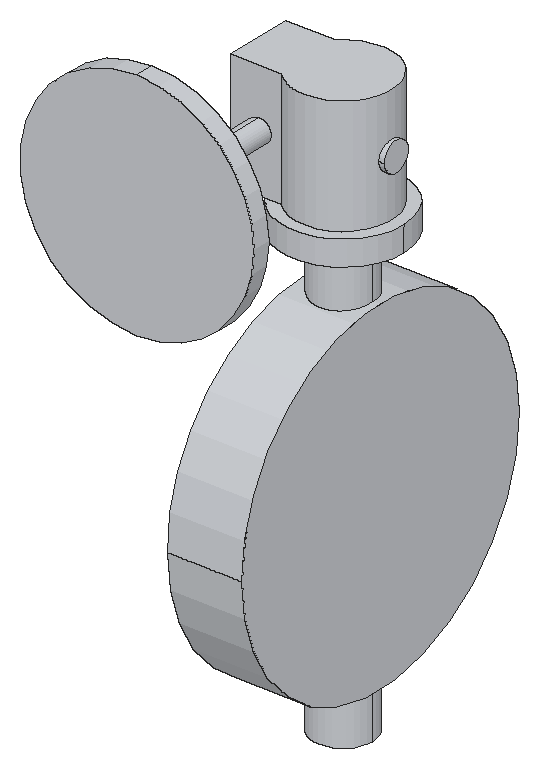
Revit family "HS497-68_disk-nerez_převodové kolo DN500-RFA_2019", category Pipe Accessories, Revit 2019
Family settings
  Round Connector Dimension = Use Diameter
  Part Type = Valve - Breaks Into
  Work Plane-Based = No
  Always vertical = Yes
  Cut with Voids When Loaded = No
  Shared = No
Parameters (values of type "HS 497-68_DN500_PN10_převodové kolo")
  magiProductId = "7647804f32e94cef828a7034a91a46"
  magiProductFamilyId = "53cea81e6f374d17b8841d9c72ad77"
  magiPartTypeId = 305
  isMeasuringValve [instance] = no
  ang2D [instance] = 0.00°
  X11 = 143.397 mm
  X1 = 59.397 mm
  W2D = 1000 mm
  VersionID = "2.0/2017.9.26.1/ZETKAMA_497_001"
  Use Minimum Symbol Size [instance] = yes
  URL = "http://www.hydronic.cz"
  Type Comments = "mezipřírubová; nerezový disk; PN10; -10~+110°C (krátkodobě +120°C)"
  SW30 = yes
  SW3 = yes
  SW21 = no
  SW20 = no
  SW2 = no
  SW1 = no
  R = 250 mm
  QmdConnectorList = "301;D;302;D"
  Productdata [instance] = ""
  NC = 91.5 mm
  Manufacturer = "Zetkama"
  MM20 = 59.397 mm
  MC Product Code = "126 500 (nerezový disk, s převodovým kolem; DN500; PN10, kvs23805)"
  M41 = 144.75 mm
  M4 = 96.5 mm
  LHL = 220 mm
  LHH3 = 2.45 mm
  LHH1 = 46.55 mm
  LH1 = 73.333 mm
  L4R__ve = -L4R  # -32.1 mm
  L4R = 32.1 mm
  L42__ve = -L42  # -240.75 mm
  L42 = 240.75 mm
  L41__ve = -L41  # -48.15 mm
  L41 = 48.15 mm
  L2D_Min = 3048 mm
  L2D = 216 mm
  L2 = 63.5 mm
  L1 = 101.6 mm
  L = 127 mm
  H = 38 mm
  G22 = 11.25 mm
  G2 = 22.5 mm
  G1 = 90 mm
  G = 210 mm
  F = 36 mm
  E44 = 100 mm
  E42 = 200 mm
  E4 = 400 mm
  E23 = 4.9 mm
  E22 = 19.6 mm
  E21 = 9.8 mm
  Description = "Mezipřírubová uzavírací klapka s převodovým kolem; nerezový disk, DN500; PN10; kvs23805"
  DR2 = 250 mm
  DR = 593 mm
  DD1 = 50 mm
  DD = 40 mm
  D = 500 mm
  CAT0 = yes
  B2__ve = -B2  # -130 mm
  B2 = 130 mm
  A2 = 43.25 mm
  A1 = 139.25 mm
Types (43, lengths in mm): name | magiProductId | X11 | X1 | Type Comments | SW30 | SW3 | SW20 | SW2 | SW1 | R | NC | Manufacturer | MM20 | MC Product Code | M41 | M4 | LHL | LHH3 | LHH1 | LH1 | L4R__ve | L4R | L42__ve | L42 | L41__ve | L41 | L2 | L1 | L | H | G | F | E44 | E42 | E4 | E23 | E22 | E21 | Description | DR2 | DR | DD1 | DD | D | B2__ve | B2 | A2 | A1
  HS 497-68_DN100_PN16_volné vřeteno | "65d1b245f4f142c78569c0602d5754" | 61.456 | 25.456 | "mezipřírubová; nerezový disk; PN16; -10~+110°C (krátkodobě +120°C)" | no | no | no | no | yes | 50 | 50 | "Hydronic Systems Prague s.r.o." | 25.456 | "124 100 (nerezový disk, s volným vřetenem; DN100; PN16, kvs512)" | 66 | 44 | 220 | 2.45 | 46.55 | 73.333 | -12.8 | 12.8 | -96 | 96 | -19.2 | 19.2 | 26 | 41.6 | 52 | 30 | 90 | 11 | 31.25 | 62.5 | 125 | 4.9 | 19.6 | 9.8 | "Mezipřírubová uzavírací klapka s volným vřetenem; nerezový disk, DN100; PN16; kvs512" | 50 | 147 | 15.625 | 12.5 | 100 | -56 | 56 | 16.5 | 98.5
  HS 497-68_DN100_PN16_převodové kolo | "11e91b807e674d428c8e796fcdcfe2" | 61.456 | 25.456 | "mezipřírubová; nerezový disk; PN16; -10~+110°C (krátkodobě +120°C)" | yes | yes | no | no | no | 50 | 50 | "Hydronic Systems Prague s.r.o." | 25.456 | "126 100 (nerezový disk, s převodovým kolem; DN100; PN16, kvs512)" | 65.25 | 43.5 | 220 | 2.45 | 46.55 | 73.333 | -12.8 | 12.8 | -96 | 96 | -19.2 | 19.2 | 26 | 41.6 | 52 | 30 | 90 | 11 | 31.25 | 62.5 | 125 | 4.9 | 19.6 | 9.8 | "Mezipřírubová uzavírací klapka s převodovým kolem; nerezový disk, DN100; PN16; kvs512" | 50 | 147 | 15.625 | 12.5 | 100 | -56 | 56 | 16.5 | 98.5
  HS 497-68_DN100_PN16_s pákou | "28172f0b3f4b47b28323ac71cf8749" | 61.456 | 25.456 | "mezipřírubová; nerezový disk; PN16; -10~+110°C (krátkodobě +120°C)" | no | no | yes | yes | no | 50 | 50 | "Hydronic Systems Prague s.r.o." | 25.456 | "121 100 (nerezový disk, s pákou; DN100; PN16, kvs512)" | 66 | 44 | 260 | 3 | 57 | 86.667 | -12.8 | 12.8 | -96 | 96 | -19.2 | 19.2 | 26 | 41.6 | 52 | 30 | 90 | 11 | 31.25 | 62.5 | 125 | 6 | 24 | 12 | "Mezipřírubová uzavírací klapka s pákou; nerezový disk, DN100; PN16; kvs512" | 50 | 147 | 15.625 | 12.5 | 100 | -56 | 56 | 16.5 | 98.5
  HS 497-68_DN125_PN16_volné vřeteno | "0d813d910fc14f628bb3c2efbd185c" | 61.456 | 25.456 | "mezipřírubová; nerezový disk; PN16; -10~+110°C (krátkodobě +120°C)" | no | no | no | no | yes | 62.5 | 50 | "Hydronic Systems Prague s.r.o." | 25.456 | "124 125 (nerezový disk, s volným vřetenem; DN125; PN16, kvs872)" | 66 | 44 | 220 | 2.45 | 46.55 | 73.333 | -12.8 | 12.8 | -96 | 96 | -19.2 | 19.2 | 28 | 44.8 | 56 | 33 | 90 | 14 | 31.25 | 62.5 | 125 | 4.9 | 19.6 | 9.8 | "Mezipřírubová uzavírací klapka s volným vřetenem; nerezový disk, DN125; PN16; kvs872" | 62.5 | 180 | 15.625 | 12.5 | 125 | -64 | 64 | 18 | 99.5
  HS 497-68_DN125_PN16_převodové kolo | "c56b7c13f372467684996fb1e0e229" | 61.456 | 25.456 | "mezipřírubová; nerezový disk; PN16; -10~+110°C (krátkodobě +120°C)" | yes | yes | no | no | no | 62.5 | 50 | "Hydronic Systems Prague s.r.o." | 25.456 | "126125 (nerezový disk, s převodovým kolem; DN125; PN16, kvs872)" | 65.25 | 43.5 | 220 | 2.45 | 46.55 | 73.333 | -13.5 | 13.5 | -101.25 | 101.25 | -20.25 | 20.25 | 28 | 44.8 | 56 | 33 | 90 | 14 | 40 | 80 | 160 | 4.9 | 19.6 | 9.8 | "Mezipřírubová uzavírací klapka s převodovým kolem; nerezový disk, DN125; PN16; kvs872" | 62.5 | 180 | 20 | 16 | 125 | -64 | 64 | 18 | 99.5
  HS 497-68_DN125_PN16_s pákou | "105993c79a91492399feef7931321a" | 61.456 | 25.456 | "mezipřírubová; nerezový disk; PN16; -10~+110°C (krátkodobě +120°C)" | no | no | yes | yes | no | 62.5 | 50 | "Hydronic Systems Prague s.r.o." | 25.456 | "121 125 (nerezový disk, s pákou; DN125; PN16, kvs872)" | 66 | 44 | 315 | 3.75 | 71.25 | 105 | -12.8 | 12.8 | -96 | 96 | -19.2 | 19.2 | 28 | 44.8 | 56 | 33 | 90 | 14 | 31.25 | 62.5 | 125 | 7.5 | 30 | 15 | "Mezipřírubová uzavírací klapka s pákou; nerezový disk, DN125; PN16; kvs872" | 62.5 | 180 | 15.625 | 12.5 | 125 | -64 | 64 | 18 | 99.5
  HS 497-68_DN150_PN16_volné vřeteno | "50c80cb8ab434f55ab7796e5ac1331" | 61.456 | 25.456 | "mezipřírubová; nerezový disk; PN16; -10~+110°C (krátkodobě +120°C)" | no | no | no | no | yes | 75 | 50 | "Hydronic Systems Prague s.r.o." | 25.456 | "124 150 (nerezový disk, s volným vřetenem; DN150; PN16, kvs1347)" | 66 | 44 | 220 | 2.45 | 46.55 | 73.333 | -12.8 | 12.8 | -96 | 96 | -19.2 | 19.2 | 28 | 44.8 | 56 | 33 | 90 | 14 | 31.25 | 62.5 | 125 | 4.9 | 19.6 | 9.8 | "Mezipřírubová uzavírací klapka s volným vřetenem; nerezový disk, DN150; PN16; kvs1347" | 75 | 206 | 15.625 | 12.5 | 150 | -58 | 58 | 19.3 | 98.7
  HS 497-68_DN150_PN16_převodové kolo | "d94a1a0cf83b476eb10011b327f709" | 61.456 | 25.456 | "mezipřírubová; nerezový disk; PN16; -10~+110°C (krátkodobě +120°C)" | yes | yes | no | no | no | 75 | 50 | "Hydronic Systems Prague s.r.o." | 25.456 | "126 150 (nerezový disk, s převodovým kolem; DN150; PN16, kvs1347)" | 65.25 | 43.5 | 220 | 2.45 | 46.55 | 73.333 | -13.5 | 13.5 | -101.25 | 101.25 | -20.25 | 20.25 | 28 | 44.8 | 56 | 33 | 90 | 14 | 40 | 80 | 160 | 4.9 | 19.6 | 9.8 | "Mezipřírubová uzavírací klapka s převodovým kolem; nerezový disk, DN150; PN16; kvs1347" | 75 | 206 | 20 | 16 | 150 | -58 | 58 | 19.3 | 98.7
  HS 497-68_DN150_PN16_s pákou | "4d2835523fe84828bc50ff0a5a0dfb" | 61.456 | 25.456 | "mezipřírubová; nerezový disk; PN16; -10~+110°C (krátkodobě +120°C)" | no | no | yes | yes | no | 75 | 50 | "Hydronic Systems Prague s.r.o." | 25.456 | "121 150 (nerezový disk, s pákou; DN150; PN16, kvs1347)" | 66 | 44 | 315 | 3.75 | 71.25 | 105 | -12.8 | 12.8 | -96 | 96 | -19.2 | 19.2 | 28 | 44.8 | 56 | 33 | 90 | 14 | 31.25 | 62.5 | 125 | 7.5 | 30 | 15 | "Mezipřírubová uzavírací klapka s pákou; nerezový disk, DN150; PN16; kvs1347" | 75 | 206 | 15.625 | 12.5 | 150 | -58 | 58 | 19.3 | 98.7
  HS 497-68_DN200_PN16_volné vřeteno | "5b29029eaeba47139ee1055a4b9201" | 61.456 | 25.456 | "mezipřírubová; nerezový disk; PN16; -10~+110°C (krátkodobě +120°C)" | no | no | no | no | yes | 100 | 50 | "Hydronic Systems Prague s.r.o." | 25.456 | "124 200 (nerezový disk, s volným vřetenem; DN200; PN16, kvs2675)" | 66 | 44 | 220 | 2.45 | 46.55 | 73.333 | -12.8 | 12.8 | -96 | 96 | -19.2 | 19.2 | 30 | 48 | 60 | 33 | 90 | 17 | 31.25 | 62.5 | 125 | 4.9 | 19.6 | 9.8 | "Mezipřírubová uzavírací klapka s volným vřetenem; nerezový disk, DN200; PN16; kvs2675" | 100 | 257 | 15.625 | 12.5 | 200 | -70 | 70 | 22.5 | 102.5
  HS 497-68_DN200_PN16_převodové kolo | "b2793cc1fcc44cf2a35062cd67c04f" | 61.456 | 25.456 | "mezipřírubová; nerezový disk; PN16; -10~+110°C (krátkodobě +120°C)" | yes | yes | no | no | no | 100 | 57 | "Hydronic Systems Prague s.r.o." | 25.456 | "126 200 (nerezový disk, s převodovým kolem; DN200; PN16, kvs2675)" | 78.75 | 52.5 | 220 | 2.45 | 46.55 | 73.333 | -15.2 | 15.2 | -114 | 114 | -22.8 | 22.8 | 30 | 48 | 60 | 33 | 90 | 17 | 50 | 100 | 200 | 4.9 | 19.6 | 9.8 | "Mezipřírubová uzavírací klapka s převodovým kolem; nerezový disk, DN200; PN16; kvs2675" | 100 | 257 | 25 | 20 | 200 | -70 | 70 | 22.5 | 102.5
  HS 497-68_DN200_PN16_s pákou | "f88d96c7af224537a51e72d7d8fffe" | 61.456 | 25.456 | "mezipřírubová; nerezový disk; PN16; -10~+110°C (krátkodobě +120°C)" | no | no | yes | yes | no | 100 | 50 | "Hydronic Systems Prague s.r.o." | 25.456 | "121 200 (nerezový disk, s pákou; DN200; PN16, kvs2675)" | 66 | 44 | 315 | 3.75 | 71.25 | 105 | -12.8 | 12.8 | -96 | 96 | -19.2 | 19.2 | 30 | 48 | 60 | 33 | 90 | 17 | 31.25 | 62.5 | 125 | 7.5 | 30 | 15 | "Mezipřírubová uzavírací klapka s pákou; nerezový disk, DN200; PN16; kvs2675" | 100 | 257 | 15.625 | 12.5 | 200 | -70 | 70 | 22.5 | 102.5
  HS 497-68_DN250_PN16_volné vřeteno | "b662e8305ca2402b9c510e66e6aa55" | 88.77 | 36.77 | "mezipřírubová; nerezový disk; PN16; -10~+110°C (krátkodobě +120°C)" | no | no | no | no | yes | 125 | 50 | "Hydronic Systems Prague s.r.o." | 36.77 | "124 250 (nerezový disk, s volným vřetenem; DN250; PN16, kvs4555)" | 66 | 44 | 220 | 2.45 | 46.55 | 73.333 | -12.8 | 12.8 | -96 | 96 | -19.2 | 19.2 | 34 | 54.4 | 68 | 23 | 130 | 22 | 31.25 | 62.5 | 125 | 4.9 | 19.6 | 9.8 | "Mezipřírubová uzavírací klapka s volným vřetenem; nerezový disk, DN250; PN16; kvs4555" | 125 | 324 | 15.625 | 12.5 | 250 | -85 | 85 | 28.25 | 129.25
  HS 497-68_DN250_PN16_převodové kolo | "5ee9016806664ddfaa2632711f295c" | 88.77 | 36.77 | "mezipřírubová; nerezový disk; PN16; -10~+110°C (krátkodobě +120°C)" | yes | yes | no | no | no | 125 | 70 | "Hydronic Systems Prague s.r.o." | 36.77 | "126 250 (nerezový disk, s převodovým kolem; DN250; PN16, kvs4555)" | 91.5 | 61 | 220 | 2.45 | 46.55 | 73.333 | -22.2 | 22.2 | -166.5 | 166.5 | -33.3 | 33.3 | 34 | 54.4 | 68 | 23 | 130 | 22 | 62.5 | 125 | 250 | 4.9 | 19.6 | 9.8 | "Mezipřírubová uzavírací klapka s převodovým kolem; nerezový disk, DN250; PN16; kvs4555" | 125 | 324 | 31.25 | 25 | 250 | -85 | 85 | 28.25 | 129.25
  HS 497-68_DN300_PN16_volné vřeteno | "e1886f51ff004380a649519258edf2" | 88.77 | 36.77 | "mezipřírubová; nerezový disk; PN16; -10~+110°C (krátkodobě +120°C)" | no | no | no | no | yes | 150 | 50 | "Hydronic Systems Prague s.r.o." | 36.77 | "124 300 (nerezový disk, s volným vřetenem; DN300; PN16, kvs7037)" | 66 | 44 | 220 | 2.45 | 46.55 | 73.333 | -12.8 | 12.8 | -96 | 96 | -19.2 | 19.2 | 39 | 62.4 | 78 | 23 | 130 | 22 | 31.25 | 62.5 | 125 | 4.9 | 19.6 | 9.8 | "Mezipřírubová uzavírací klapka s volným vřetenem; nerezový disk, DN300; PN16; kvs7037" | 150 | 376 | 15.625 | 12.5 | 300 | -90 | 90 | 30.8 | 127.2
  HS 497-68_DN300_PN16_převodové kolo | "6860f094f77d42088fbebc3c97f755" | 88.77 | 36.77 | "mezipřírubová; nerezový disk; PN16; -10~+110°C (krátkodobě +120°C)" | yes | yes | no | no | no | 150 | 70 | "Hydronic Systems Prague s.r.o." | 36.77 | "126 300 (nerezový disk, s převodovým kolem; DN300; PN16, kvs7037)" | 91.5 | 61 | 220 | 2.45 | 46.55 | 73.333 | -22.2 | 22.2 | -166.5 | 166.5 | -33.3 | 33.3 | 39 | 62.4 | 78 | 23 | 130 | 22 | 62.5 | 125 | 250 | 4.9 | 19.6 | 9.8 | "Mezipřírubová uzavírací klapka s převodovým kolem; nerezový disk, DN300; PN16; kvs7037" | 150 | 376 | 31.25 | 25 | 300 | -90 | 90 | 30.8 | 127.2
  HS 497-68_DN032_PN16_volné vřeteno | "8c5f65de52aa4067a77564107e31b2" | 61.456 | 25.456 | "mezipřírubová; nerezový disk; PN16; -10~+110°C (krátkodobě +120°C)" | no | no | no | no | yes | 16 | 50 | "Hydronic Systems Prague s.r.o." | 25.456 | "124 032 (nerezový disk, s volným vřetenem; DN32; PN16, kvs78)" | 66 | 44 | 220 | 2.45 | 46.55 | 73.333 | -12.8 | 12.8 | -96 | 96 | -19.2 | 19.2 | 16.5 | 26.4 | 33 | 30 | 90 | 11 | 31.25 | 62.5 | 125 | 4.9 | 19.6 | 9.8 | "Mezipřírubová uzavírací klapka s volným vřetenem; nerezový disk, DN32; PN16; kvs78" | 16 | 68 | 15.625 | 12.5 | 32 | -44.2 | 44.2 | 10.25 | 76.25
  HS 497-68_DN032_PN16_převodové kolo | "60aaeffa8b3a4e809ef000e4660060" | 61.456 | 25.456 | "mezipřírubová; nerezový disk; PN16; -10~+110°C (krátkodobě +120°C)" | yes | yes | no | no | no | 16 | 50 | "Hydronic Systems Prague s.r.o." | 25.456 | "126 032 (nerezový disk, s převodovým kolem; DN32; PN16, kvs78)" | 65.25 | 43.5 | 220 | 2.45 | 46.55 | 73.333 | -12.8 | 12.8 | -96 | 96 | -19.2 | 19.2 | 16.5 | 26.4 | 33 | 30 | 90 | 11 | 31.25 | 62.5 | 125 | 4.9 | 19.6 | 9.8 | "Mezipřírubová uzavírací klapka s převodovým kolem; nerezový disk, DN32; PN16; kvs78" | 16 | 68 | 15.625 | 12.5 | 32 | -44.2 | 44.2 | 10.25 | 76.25
  HS 497-68_DN032_PN16_s pákou | "9ad8088d610749a1b871aa2aad8007" | 61.456 | 25.456 | "mezipřírubová; nerezový disk; PN16; -10~+110°C (krátkodobě +120°C)" | no | no | yes | yes | no | 16 | 50 | "Hydronic Systems Prague s.r.o." | 25.456 | "121 032 (nerezový disk, s pákou; DN32; PN16, kvs78)" | 66 | 44 | 220 | 2.45 | 46.55 | 73.333 | -12.8 | 12.8 | -96 | 96 | -19.2 | 19.2 | 16.5 | 26.4 | 33 | 30 | 90 | 11 | 31.25 | 62.5 | 125 | 4.9 | 19.6 | 9.8 | "Mezipřírubová uzavírací klapka s pákou; nerezový disk, DN32; PN16; kvs78" | 16 | 68 | 15.625 | 12.5 | 32 | -44.2 | 44.2 | 10.25 | 76.25
  HS 497-68_DN350_PN10_volné vřeteno | "72a1e05f22944421b7e9596a877137" | 109.255 | 45.255 | "mezipřírubová; nerezový disk; PN10; -10~+110°C (krátkodobě +120°C)" | no | no | no | no | yes | 175 | 50 | "Hydronic Systems Prague s.r.o." | 45.255 | "124 350 (nerezový disk, s volným vřetenem; DN350; PN10, kvs10165)" | 66 | 44 | 220 | 2.45 | 46.55 | 73.333 | -12.8 | 12.8 | -96 | 96 | -19.2 | 19.2 | 39 | 62.4 | 78 | 31 | 160 | 22 | 31.25 | 62.5 | 125 | 4.9 | 19.6 | 9.8 | "Mezipřírubová uzavírací klapka s volným vřetenem; nerezový disk, DN350; PN10; kvs10165" | 175 | 430 | 15.625 | 12.5 | 350 | -88 | 88 | 33.85 | 129.65
  HS 497-68_DN350_PN10_převodové kolo | "a5a01426cb28494ba3afca92f1dace" | 109.255 | 45.255 | "mezipřírubová; nerezový disk; PN10; -10~+110°C (krátkodobě +120°C)" | yes | yes | no | no | no | 175 | 70 | "Hydronic Systems Prague s.r.o." | 45.255 | "126 350 (nerezový disk, s převodovým kolem; DN350; PN10, kvs10165)" | 91.5 | 61 | 220 | 2.45 | 46.55 | 73.333 | -22.2 | 22.2 | -166.5 | 166.5 | -33.3 | 33.3 | 39 | 62.4 | 78 | 31 | 160 | 22 | 62.5 | 125 | 250 | 4.9 | 19.6 | 9.8 | "Mezipřírubová uzavírací klapka s převodovým kolem; nerezový disk, DN350; PN10; kvs10165" | 175 | 430 | 31.25 | 25 | 350 | -88 | 88 | 33.85 | 129.65
  HS 497-68_DN400_PN10_volné vřeteno | "c70ebeb927c04ab99b176e257ad0a7" | 109.255 | 45.255 | "mezipřírubová; nerezový disk; PN10; -10~+110°C (krátkodobě +120°C)" | no | no | no | no | yes | 200 | 50 | "Hydronic Systems Prague s.r.o." | 45.255 | "124 400 (nerezový disk, s volným vřetenem; DN400; PN10, kvs13799)" | 66 | 44 | 220 | 2.45 | 46.55 | 73.333 | -12.8 | 12.8 | -96 | 96 | -19.2 | 19.2 | 51 | 81.6 | 102 | 31 | 160 | 27 | 31.25 | 62.5 | 125 | 4.9 | 19.6 | 9.8 | "Mezipřírubová uzavírací klapka s volným vřetenem; nerezový disk, DN400; PN10; kvs13799" | 200 | 485 | 15.625 | 12.5 | 400 | -108 | 108 | 38 | 142
  HS 497-68_DN400_PN10_převodové kolo | "cc64a4384dcb41b780d81810f4f293" | 109.255 | 45.255 | "mezipřírubová; nerezový disk; PN10; -10~+110°C (krátkodobě +120°C)" | yes | yes | no | no | no | 200 | 72.5 | "Hydronic Systems Prague s.r.o." | 45.255 | "126 400 (nerezový disk, s převodovým kolem; DN400; PN10, kvs13799)" | 103.5 | 69 | 220 | 2.45 | 46.55 | 73.333 | -27.8 | 27.8 | -208.5 | 208.5 | -41.7 | 41.7 | 51 | 81.6 | 102 | 31 | 160 | 27 | 75 | 150 | 300 | 4.9 | 19.6 | 9.8 | "Mezipřírubová uzavírací klapka s převodovým kolem; nerezový disk, DN400; PN10; kvs13799" | 200 | 485 | 37.5 | 30 | 400 | -108 | 108 | 38 | 142
  HS 497-68_DN040_PN16_volné vřeteno | "35f92312390745e88df5b5c325d9ee" | 61.456 | 25.456 | "mezipřírubová; nerezový disk; PN16; -10~+110°C (krátkodobě +120°C)" | no | no | no | no | yes | 20 | 50 | "Hydronic Systems Prague s.r.o." | 25.456 | "124 040 (nerezový disk, s volným vřetenem; DN40; PN16, kvs78)" | 66 | 44 | 220 | 2.45 | 46.55 | 73.333 | -12.8 | 12.8 | -96 | 96 | -19.2 | 19.2 | 16.5 | 26.4 | 33 | 30 | 90 | 11 | 31.25 | 62.5 | 125 | 4.9 | 19.6 | 9.8 | "Mezipřírubová uzavírací klapka s volným vřetenem; nerezový disk, DN40; PN16; kvs78" | 20 | 76 | 15.625 | 12.5 | 40 | -36 | 36 | 11 | 79
  HS 497-68_DN040_PN16_převodové kolo | "d88e968eae3445bc9b7b4e6ff35127" | 61.456 | 25.456 | "mezipřírubová; nerezový disk; PN16; -10~+110°C (krátkodobě +120°C)" | yes | yes | no | no | no | 20 | 50 | "Hydronic Systems Prague s.r.o." | 25.456 | "126 040 (nerezový disk, s převodovým kolem; DN40; PN16, kvs78)" | 65.25 | 43.5 | 220 | 2.45 | 46.55 | 73.333 | -12.8 | 12.8 | -96 | 96 | -19.2 | 19.2 | 16.5 | 26.4 | 33 | 30 | 90 | 11 | 31.25 | 62.5 | 125 | 4.9 | 19.6 | 9.8 | "Mezipřírubová uzavírací klapka s převodovým kolem; nerezový disk, DN40; PN16; kvs78" | 20 | 76 | 15.625 | 12.5 | 40 | -36 | 36 | 11 | 79
  HS 497-68_DN040_PN16_s pákou | "c1b522ca65b4407a98818f232eaacb" | 61.456 | 25.456 | "mezipřírubová; nerezový disk; PN16; -10~+110°C (krátkodobě +120°C)" | no | no | yes | yes | no | 20 | 50 | "Hydronic Systems Prague s.r.o." | 25.456 | "121 040 (nerezový disk, s pákou; DN40; PN16, kvs78)" | 66 | 44 | 220 | 2.45 | 46.55 | 73.333 | -12.8 | 12.8 | -96 | 96 | -19.2 | 19.2 | 16.5 | 26.4 | 33 | 30 | 90 | 11 | 31.25 | 62.5 | 125 | 4.9 | 19.6 | 9.8 | "Mezipřírubová uzavírací klapka s pákou; nerezový disk, DN40; PN16; kvs78" | 20 | 76 | 15.625 | 12.5 | 40 | -36 | 36 | 11 | 79
  HS 497-68_DN450_PN10_volné vřeteno | "a8358bc282f14872b3194e530e590a" | 129.74 | 53.74 | "mezipřírubová; nerezový disk; PN10; -10~+110°C (krátkodobě +120°C)" | no | no | no | no | yes | 225 | 50 | "Hydronic Systems Prague s.r.o." | 53.74 | "124 450 (nerezový disk, s volným vřetenem; DN450; PN10, kvs18514)" | 66 | 44 | 220 | 2.45 | 46.55 | 73.333 | -12.8 | 12.8 | -96 | 96 | -19.2 | 19.2 | 57 | 91.2 | 114 | 38 | 190 | 36 | 31.25 | 62.5 | 125 | 4.9 | 19.6 | 9.8 | "Mezipřírubová uzavírací klapka s volným vřetenem; nerezový, DN450; PN10; kvs18514" | 225 | 536 | 15.625 | 12.5 | 450 | -115 | 115 | 38.05 | 117.45
  HS 497-68_DN450_PN10_převodové kolo | "cdf2d80f54a9414f9cbe50647c0ebd" | 129.74 | 53.74 | "mezipřírubová; nerezový disk; PN10; -10~+110°C (krátkodobě +120°C)" | yes | yes | no | no | no | 225 | 91.5 | "Zetkama" | 53.74 | "126 450 (nerezový disk, s převodovým kolem; DN450; PN10, kvs18514)" | 144.75 | 96.5 | 220 | 2.45 | 46.55 | 73.333 | -32.1 | 32.1 | -240.75 | 240.75 | -48.15 | 48.15 | 57 | 91.2 | 114 | 38 | 190 | 36 | 100 | 200 | 400 | 4.9 | 19.6 | 9.8 | "Mezipřírubová uzavírací klapka s převodovým kolem; nerezový disk, DN450; PN10; kvs18514" | 225 | 536 | 50 | 40 | 450 | -115 | 115 | 38.05 | 117.45
  HS 497-68_DN500_PN10_volné vřeteno | "8c396e27bb2743f98f3c762b6517cd" | 143.397 | 59.397 | "mezipřírubová; nerezový disk; PN10; -10~+110°C (krátkodobě +120°C)" | no | no | no | no | yes | 250 | 50 | "Hydronic Systems Prague s.r.o." | 59.397 | "124 500 (nerezový disk, s volným vřetenem; DN500; PN10, kvs23805)" | 66 | 44 | 220 | 2.45 | 46.55 | 73.333 | -12.8 | 12.8 | -96 | 96 | -19.2 | 19.2 | 63.5 | 101.6 | 127 | 38 | 210 | 36 | 31.25 | 62.5 | 125 | 4.9 | 19.6 | 9.8 | "Mezipřírubová uzavírací klapka s volným vřetenem; nerezový disk, DN500; PN10; kvs23805" | 250 | 593 | 15.625 | 12.5 | 500 | -130 | 130 | 43.25 | 139.25
  HS 497-68_DN500_PN10_převodové kolo | "7647804f32e94cef828a7034a91a46" | 143.397 | 59.397 | "mezipřírubová; nerezový disk; PN10; -10~+110°C (krátkodobě +120°C)" | yes | yes | no | no | no | 250 | 91.5 | "Zetkama" | 59.397 | "126 500 (nerezový disk, s převodovým kolem; DN500; PN10, kvs23805)" | 144.75 | 96.5 | 220 | 2.45 | 46.55 | 73.333 | -32.1 | 32.1 | -240.75 | 240.75 | -48.15 | 48.15 | 63.5 | 101.6 | 127 | 38 | 210 | 36 | 100 | 200 | 400 | 4.9 | 19.6 | 9.8 | "Mezipřírubová uzavírací klapka s převodovým kolem; nerezový disk, DN500; PN10; kvs23805" | 250 | 593 | 50 | 40 | 500 | -130 | 130 | 43.25 | 139.25
  HS 497-68_DN050_volné vřeteno | "d71f296ecd6d4adf8f6e5d9853b4e0" | 61.456 | 25.456 | "mezipřírubová; nerezový disk; PN16; -10~+110°C (krátkodobě +120°C)" | no | no | no | no | yes | 25 | 50 | "Hydronic Systems Prague s.r.o." | 25.456 | "124 050 (nerezový disk, s volným vřetenem; DN50; PN16, kvs98)" | 66 | 44 | 220 | 2.45 | 46.55 | 73.333 | -12.8 | 12.8 | -96 | 96 | -19.2 | 19.2 | 21.5 | 34.4 | 43 | 30 | 90 | 11 | 31.25 | 62.5 | 125 | 4.9 | 19.6 | 9.8 | "Mezipřírubová uzavírací klapka s volným vřetenem; nerezový disk, DN50; PN16; kvs98" | 25 | 100 | 15.625 | 12.5 | 50 | -36.5 | 36.5 | 12 | 83
  HS 497-68_DN050_PN16_převodové kolo | "2fb080deeaed49c58418b94c1da5a4" | 61.456 | 25.456 | "mezipřírubová; nerezový disk; PN16; -10~+110°C (krátkodobě +120°C)" | yes | yes | no | no | no | 25 | 50 | "Hydronic Systems Prague s.r.o." | 25.456 | "126 050 (nerezový disk, s převodovým kolem; DN50; PN16, kvs98)" | 65.25 | 43.5 | 220 | 2.45 | 46.55 | 73.333 | -12.8 | 12.8 | -96 | 96 | -19.2 | 19.2 | 21.5 | 34.4 | 43 | 30 | 90 | 11 | 31.25 | 62.5 | 125 | 4.9 | 19.6 | 9.8 | "Mezipřírubová uzavírací klapka s převodovým kolem; nerezový disk, DN50; PN16; kvs98" | 25 | 100 | 15.625 | 12.5 | 50 | -36.5 | 36.5 | 12 | 83
  HS 497-68_DN050_PN16_s pákou | "dabc632061f94877a994b9b4e68112" | 61.456 | 25.456 | "mezipřírubová; nerezový disk; PN16; -10~+110°C (krátkodobě +120°C)" | no | no | yes | yes | no | 25 | 50 | "Hydronic Systems Prague s.r.o." | 25.456 | "121 050 (nerezový disk, s pákou; DN50; PN16, kvs98)" | 66 | 44 | 220 | 2.45 | 46.55 | 73.333 | -12.8 | 12.8 | -96 | 96 | -19.2 | 19.2 | 21.5 | 34.4 | 43 | 30 | 90 | 11 | 31.25 | 62.5 | 125 | 4.9 | 19.6 | 9.8 | "Mezipřírubová uzavírací klapka s pákou; nerezový disk, DN50; PN16; kvs98" | 25 | 100 | 15.625 | 12.5 | 50 | -36.5 | 36.5 | 12 | 83
  HS 497-68_DN600_PN10_volné vřeteno | "99d5892c14664fce81a7c5903f7711" | 143.397 | 59.397 | "mezipřírubová; nerezový disk; PN10; -10~+110°C (krátkodobě +120°C)" | no | no | no | no | yes | 300 | 50 | "Hydronic Systems Prague s.r.o." | 59.397 | "124 600 (nerezový disk, s volným vřetenem; DN600; PN10, kvs36778)" | 66 | 44 | 220 | 2.45 | 46.55 | 73.333 | -12.8 | 12.8 | -96 | 96 | -19.2 | 19.2 | 77 | 123.2 | 154 | 80 | 210 | 60 | 31.25 | 62.5 | 125 | 4.9 | 19.6 | 9.8 | "Mezipřírubová uzavírací klapka s volným vřetenem; nerezový disk, DN600; PN10; kvs36788" | 300 | 690 | 15.625 | 12.5 | 600 | -140 | 140 | 49.4 | 144.6
  HS 497-68_DN600_PN10_převodové kolo | "b1e26faab48a4c499f6bb11e7e3002" | 143.397 | 59.397 | "mezipřírubová; lnerezový disk; PN10; -10~+110°C (krátkodobě +120°C)" | yes | yes | no | no | no | 300 | 140 | "Hydronic Systems Prague s.r.o." | 59.397 | "126 600 (nerezový disk, s převodovým kolem; DN600; PN10, kvs36778)" | 206.25 | 137.5 | 220 | 2.45 | 46.55 | 73.333 | -40.8 | 40.8 | -306 | 306 | -61.2 | 61.2 | 77 | 123.2 | 154 | 80 | 210 | 60 | 125 | 250 | 500 | 4.9 | 19.6 | 9.8 | "Mezipřírubová uzavírací klapka s převodovým kolem; nerezový disk, DN600; PN10; kvs36788" | 300 | 690 | 62.5 | 50 | 600 | -140 | 140 | 49.4 | 144.6
  HS 497-68_DN065_PN16_volné vřeteno | "5e5e208646e34ec29f889baab5d08e" | 61.456 | 25.456 | "mezipřírubová; lnerezový disk; PN16; -10~+110°C (krátkodobě +120°C)" | no | no | no | no | yes | 32.5 | 50 | "Hydronic Systems Prague s.r.o." | 25.456 | "124 065 (nerezový disk, s volným vřetenem; DN65; PN16, kvs167)" | 66 | 44 | 220 | 2.45 | 46.55 | 73.333 | -12.8 | 12.8 | -96 | 96 | -19.2 | 19.2 | 23 | 36.8 | 46 | 30 | 90 | 11 | 31.25 | 62.5 | 125 | 4.9 | 19.6 | 9.8 | "Mezipřírubová uzavírací klapka s volným vřetenem; nerezový disk, DN65; PN16; kv167" | 32.5 | 108 | 15.625 | 12.5 | 65 | -36.5 | 36.5 | 13.5 | 89
  HS 497-68_DN065_PN16_převodové kolo | "654d74c8d15540b0bfe523d988ccb3" | 61.456 | 25.456 | "mezipřírubová; nerezový disk; PN16; -10~+110°C (krátkodobě +120°C)" | yes | yes | no | no | no | 32.5 | 50 | "Hydronic Systems Prague s.r.o." | 25.456 | "126 065 (nerezový disk, s převodovým kolem; DN65; PN16, kvs167)" | 65.25 | 43.5 | 220 | 2.45 | 46.55 | 73.333 | -12.8 | 12.8 | -96 | 96 | -19.2 | 19.2 | 23 | 36.8 | 46 | 30 | 90 | 11 | 31.25 | 62.5 | 125 | 4.9 | 19.6 | 9.8 | "Mezipřírubová uzavírací klapka s převodovým kolem; nerezový disk, DN65; PN16; kvs167" | 32.5 | 108 | 15.625 | 12.5 | 65 | -36.5 | 36.5 | 13.5 | 89
  HS 497-68_DN065_PN16_s pákou | "ebeb4b59db0641caaf6d6635ab37b9" | 61.456 | 25.456 | "mezipřírubová; nerezový disk; PN16; -10~+110°C (krátkodobě +120°C)" | no | no | yes | yes | no | 32.5 | 50 | "Hydronic Systems Prague s.r.o." | 25.456 | "121 065 (nerezový disk, s pákou; DN65; PN16, kvs167)" | 66 | 44 | 220 | 2.45 | 46.55 | 73.333 | -12.8 | 12.8 | -96 | 96 | -19.2 | 19.2 | 23 | 36.8 | 46 | 30 | 90 | 11 | 31.25 | 62.5 | 125 | 4.9 | 19.6 | 9.8 | "Mezipřírubová uzavírací klapka s pákou; nerezový disk, DN65; PN16; kvs167" | 32.5 | 108 | 15.625 | 12.5 | 65 | -36.5 | 36.5 | 13.5 | 89
  HS 497-68_DN080_PN16_volné vřeteno | "9e85c75c18654e1185a9c48ed6b00e" | 61.456 | 25.456 | "mezipřírubová; nerezový disk; PN16; -10~+110°C (krátkodobě +120°C)" | no | no | no | no | yes | 40 | 50 | "Hydronic Systems Prague s.r.o." | 25.456 | "124 080 (nerezový disk, s volným vřetenem; DN80; PN16, kvs258)" | 66 | 44 | 220 | 2.45 | 46.55 | 73.333 | -12.8 | 12.8 | -96 | 96 | -19.2 | 19.2 | 23 | 36.8 | 46 | 30 | 90 | 11 | 31.25 | 62.5 | 125 | 4.9 | 19.6 | 9.8 | "Mezipřírubová uzavírací klapka s volným vřetenem; nerezový disk, DN80; PN16; kvs258" | 40 | 124 | 15.625 | 12.5 | 80 | -54 | 54 | 14.1 | 86.9
  HS 497-68_DN080_PN16_převodové kolo | "5b3c8238c3d041e68c75b199e7ea46" | 61.456 | 25.456 | "mezipřírubová; nerezový disk; PN16; -10~+110°C (krátkodobě +120°C)" | yes | yes | no | no | no | 40 | 50 | "Hydronic Systems Prague s.r.o." | 25.456 | "126 080 (nerezový disk, s převodovým kolem; DN80; PN16, kvs258)" | 65.25 | 43.5 | 220 | 2.45 | 46.55 | 73.333 | -12.8 | 12.8 | -96 | 96 | -19.2 | 19.2 | 23 | 36.8 | 46 | 30 | 90 | 11 | 31.25 | 62.5 | 125 | 4.9 | 19.6 | 9.8 | "Mezipřírubová uzavírací klapka s převodovým kolem; nerezový disk, DN80; PN16; kvs258" | 40 | 124 | 15.625 | 12.5 | 80 | -54 | 54 | 14.1 | 86.9
  HS 497-68_DN080_PN16_s pákou | "e414795fab0f4eccb99bc3572c5477" | 61.456 | 25.456 | "mezipřírubová; nerezový disk; PN16; -10~+110°C (krátkodobě +120°C)" | no | no | yes | yes | no | 40 | 50 | "Hydronic Systems Prague s.r.o." | 25.456 | "121 080 (nerezový disk, s pákou; DN80; PN16, kvs258)" | 66 | 44 | 260 | 3 | 57 | 86.667 | -12.8 | 12.8 | -96 | 96 | -19.2 | 19.2 | 23 | 36.8 | 46 | 30 | 90 | 11 | 31.25 | 62.5 | 125 | 6 | 24 | 12 | "Mezipřírubová uzavírací klapka s pákou; nerezový disk, DN80; PN16; kvs258" | 40 | 124 | 15.625 | 12.5 | 80 | -54 | 54 | 14.1 | 86.9
  HS 497-68_DN250_PN16_s pákou | "" | 88.77 | 36.77 | "mezipřírubová; nerezový disk; PN16; -10~+110°C (krátkodobě +120°C)" | no | no | yes | yes | no | 125 | 70 | "Hydronic Systems Prague s.r.o." | 36.77 | "121 250 (nerezový disk, s ákou; DN250; PN16, kvs4555)" | 91.5 | 61 | 220 | 2.45 | 46.55 | 73.333 | -22.2 | 22.2 | -166.5 | 166.5 | -33.3 | 33.3 | 34 | 54.4 | 68 | 23 | 130 | 22 | 62.5 | 125 | 250 | 4.9 | 19.6 | 9.8 | "Mezipřírubová uzavírací klapka s pákou; nerezový disk, DN250; PN16; kvs4555" | 125 | 324 | 31.25 | 25 | 250 | -85 | 85 | 28.25 | 129.25
  HS 497-68_DN300_PN16_s pákou | "" | 88.77 | 36.77 | "mezipřírubová; nerezový disk; PN16; -10~+110°C (krátkodobě +120°C)" | no | no | yes | yes | no | 150 | 70 | "Hydronic Systems Prague s.r.o." | 36.77 | "121 300 (nerezový disk, s pákou; DN300; PN16, kvs7037)" | 91.5 | 61 | 220 | 2.45 | 46.55 | 73.333 | -22.2 | 22.2 | -166.5 | 166.5 | -33.3 | 33.3 | 39 | 62.4 | 78 | 23 | 130 | 22 | 62.5 | 125 | 250 | 4.9 | 19.6 | 9.8 | "Mezipřírubová uzavírací klapka s pákou; nerezový disk, DN300; PN16; kvs7037" | 150 | 376 | 31.25 | 25 | 300 | -90 | 90 | 30.8 | 127.2
Reference planes
  plane 1 "Center (Front/Back)": y = 0
  plane 2 "XYPLANE": z = 0
  plane 3 "Center (Left/Right)": x = 0
  plane 4 "473": x = -59.397
  plane 5 "472": x = -144.75
  plane 6 "471": y = -59.397
  plane 7 "470": y = 59.397
  plane 8 "469": x = -96.5
  plane 9 "468": y = -288.9
  plane 10 "467": y = -240.75
  plane 11 "466": z = 532.5
  plane 12 "465": z = 479.05
  plane 13 "464": y = 145.417
  plane 14 "463": z = 469.25
  plane 15 "462": z = 452.1
  plane 16 "461": z = 461.9
  plane 17 "460": y = 72.083
  plane 18 "459": x = -11.25
  plane 19 "458": x = 11.25
  plane 20 "457": y = -6.25
  plane 21 "456": x = -17.5
  plane 22 "455": x = 17.5
  plane 23 "454": z = 466.8
  plane 24 "453": y = 62.083
  plane 25 "452": y = -11.25
  plane 26 "451": x = -22.5
  plane 27 "450": x = 22.5
  plane 28 "449": z = 447.2
  plane 29 "448": z = 442.3
  plane 30 "447": z = -250
  plane 31 "446": z = 432.5
  plane 32 "445": z = 389.25
  plane 33 "444": z = 250
  plane 34 "443": x = 63.5
  plane 35 "442": x = -63.5
  plane 36 "441": z = 0
  plane 37 "440": y = 0
  plane 38 "439": x = 0
  plane 39 "438": z = 481.5
  plane 40 "437": z = 466.8
  plane 41 "436": x = 13.7
  plane 42 "435": x = -13.7
  plane 43 "434": y = 220
Forms (mm)
  Extrusion 1, solid, visible <- "SW3"
    sketch origin (-750, 0, 432.5) x (1, 0, 0) y (0, 1, 0)
      loop
        line (605.25, 59.397) -> (605.25, -59.397) -> (690.603, -59.397)
        arc (690.603, -59.397) -> (834, 0) -> (690.603, 59.397) r 84
        line (690.603, 59.397) -> (605.25, 59.397)
    from 0 to 200 <- "E42"
  Extrusion 2, solid, visible <- "SW30"
    sketch origin (0, -750, 0) x (0, 1, 0) y (0, 0, 1)
      loop
        circle (750, 532.5) r 25
    from 0 to 91.5 <- "NC"
  Extrusion 3, solid, visible <- "SW30"
    sketch origin (750, -288.9, 0) x (-1, 0, 0) y (0, 0, 1)
      loop
        circle (846.5, 532.5) r 200
    from 0 to -32.1 <- "L4R__ve"
  Extrusion 4, solid, visible <- "SW3"
    sketch origin (750, -240.75, 0) x (-1, 0, 0) y (0, 0, 1)
      loop
        circle (846.5, 532.5) r 25
    from 0 to -48.15 <- "L41__ve"
  Extrusion 5, solid, visible <- "SW30"
    sketch origin (750, 0, 0) x (-1, 0, 0) y (0, 0, 1)
      loop
        circle (846.5, 532.5) r 20
    from 0 to -240.75 <- "L42__ve"
  Blend 6, solid, visible <- "SW21"
    base sketch origin (750, 72.083, 0) x (-1, 0, 0) y (0, 0, 1)
      loop
        line (761.25, 461.9) -> (738.75, 461.9) -> (738.75, 452.1) -> (761.25, 452.1) -> (761.25, 461.9)
    top sketch origin (750, 72.083, 0) x (-1, 0, 0) y (0, 0, 1)
      loop
        line (761.25, 479.05) -> (738.75, 479.05) -> (738.75, 469.25) -> (761.25, 469.25) -> (761.25, 479.05)
    from 0 to 73.333
  Blend 7, solid, visible <- "SW21"
    base sketch origin (750, 62.083, 0) x (-1, 0, 0) y (0, 0, 1)
      loop
        line (761.25, 466.8) -> (738.75, 466.8) -> (738.75, 447.2) -> (761.25, 447.2) -> (761.25, 466.8)
    top sketch origin (750, 62.083, 0) x (-1, 0, 0) y (0, 0, 1)
      loop
        line (761.25, 461.9) -> (738.75, 461.9) -> (738.75, 452.1) -> (761.25, 452.1) -> (761.25, 461.9)
    from 0 to 10
  Blend 8, solid, visible <- "SW21"
    base sketch origin (-750, 0, 447.2) x (1, 0, 0) y (0, 1, 0)
      loop
        line (772.5, 62.083) -> (727.5, 62.083) -> (727.5, -11.25)
        arc (727.5, -11.25) -> (750, -31.25) -> (772.5, -11.25) r 22.656
        line (772.5, -11.25) -> (772.5, 62.083)
    top sketch origin (-750, 0, 447.2) x (1, 0, 0) y (0, 1, 0)
      loop
        line (767.5, 62.083) -> (732.5, 62.083) -> (732.5, -6.25)
        arc (732.5, -6.25) -> (750, -26.25) -> (767.5, -6.25) r 17.656
        line (767.5, -6.25) -> (767.5, 62.083)
    from 0 to 19.6
  Extrusion 9, solid, visible <- "SW2"
    sketch origin (-750, 0, 442.3) x (1, 0, 0) y (0, 1, 0)
      loop
        circle (750, 0) r 11.25
    from 0 to 4.9 <- "E23"
  Extrusion 10, solid, visible <- "SW2"
    sketch origin (-750, 0, 432.5) x (1, 0, 0) y (0, 1, 0)
      loop
        circle (750, 0) r 45
    from 0 to 9.8 <- "E21"
  Extrusion 11, solid, visible <- "CAT0"
    sketch origin (-750, 0, -250) x (1, 0, 0) y (0, 1, 0)
      loop
        circle (750, 0) r 50.8
    from 0 to -130 <- "B2__ve"
  Extrusion 12, solid, visible <- "CAT0"
    sketch origin (-750, 0, 389.25) x (1, 0, 0) y (0, 1, 0)
      loop
        circle (750, 0) r 105
    from 0 to 43.25 <- "A2"
  Extrusion 13, solid, visible <- "CAT0"
    sketch origin (-750, 0, 250) x (1, 0, 0) y (0, 1, 0)
      loop
        circle (750, 0) r 50.8
    from 0 to 139.25 <- "A1"
  Extrusion 14, solid, visible <- "CAT0"
    sketch origin (-63.5, -750, 0) x (0, 1, 0) y (0, 0, 1)
      loop
        circle (750, 0) r 296.5
    from 0 to 127 <- "L"
  Extrusion 15, solid, visible <- "SW1"
    sketch origin (-750, 0, 432.5) x (1, 0, 0) y (0, 1, 0)
      loop
        line (768, 18) -> (732, 18) -> (732, -18) -> (768, -18) -> (768, 18)
    from 0 to 38 <- "H"
  Blend 16, solid, visible <- "SW2"
    base sketch origin (750, 145.417, 0) x (-1, 0, 0) y (0, 0, 1)
      loop
        arc (763.7, 476.5) -> (762.236, 480.036) -> (758.7, 481.5) r 5
        line (758.7, 481.5) -> (741.3, 481.5)
        arc (741.3, 481.5) -> (737.764, 480.036) -> (736.3, 476.5) r 5
        line (736.3, 476.5) -> (736.3, 471.8)
        arc (736.3, 471.8) -> (737.764, 468.264) -> (741.3, 466.8) r 5
        line (741.3, 466.8) -> (758.7, 466.8)
        arc (758.7, 466.8) -> (762.236, 468.264) -> (763.7, 471.8) r 5
        line (763.7, 471.8) -> (763.7, 476.5)
    top sketch origin (750, 145.417, 0) x (-1, 0, 0) y (0, 0, 1)
      loop
        arc (763.7, 476.5) -> (762.236, 480.036) -> (758.7, 481.5) r 5
        line (758.7, 481.5) -> (741.3, 481.5)
        arc (741.3, 481.5) -> (737.764, 480.036) -> (736.3, 476.5) r 5
        line (736.3, 476.5) -> (736.3, 471.8)
        arc (736.3, 471.8) -> (737.764, 468.264) -> (741.3, 466.8) r 5
        line (741.3, 466.8) -> (758.7, 466.8)
        arc (758.7, 466.8) -> (762.236, 468.264) -> (763.7, 471.8) r 5
        line (763.7, 471.8) -> (763.7, 476.5)
    from 0 to 74.583
  Blend 17, solid, visible <- "SW20"
    base sketch origin (750, 145.417, 0) x (-1, 0, 0) y (0, 0, 1)
      loop
        line (763.7, 481.5) -> (736.3, 481.5) -> (736.3, 466.8) -> (763.7, 466.8) -> (763.7, 481.5)
    top sketch origin (750, 145.417, 0) x (-1, 0, 0) y (0, 0, 1)
      loop
        line (761.25, 466.8) -> (738.75, 466.8) -> (738.75, 447.2) -> (761.25, 447.2) -> (761.25, 466.8)
    from 0 to -83.333
  Extrusion 18, solid, visible <- "SW20"
    sketch origin (-750, 0, 447.2) x (1, 0, 0) y (0, 1, 0)
      loop
        line (772.5, 62.083) -> (727.5, 62.083) -> (727.5, -11.25)
        arc (727.5, -11.25) -> (750, -31.25) -> (772.5, -11.25) r 22.656
        line (772.5, -11.25) -> (772.5, 62.083)
    from 0 to 19.6 <- "E22"
  Extrusion 19, solid, not visible
    sketch origin (-63.5, -750, 0) x (0, 1, 0) y (0, 0, 1)
      loop
        circle (750, 0) r 10
    from 0 to 10
  Extrusion 20, solid, not visible
    sketch origin (63.5, -750, 0) x (0, 1, 0) y (0, 0, 1)
      loop
        circle (750, 0) r 10
    from 0 to -10
Lines and regions (mm)
  reference lines, not visible
    curve 1: circle (2, 2, 0) r 1 normal (0, 0, 1)
  reference lines
    curve 2: line (-59.397, -59.397, 432.5) -> (-59.397, 59.397, 432.5)
    curve 3: line (-17.5, -6.25, 447.2) -> (17.5, -6.25, 447.2)
    curve 4: line (-22.5, -11.25, 447.2) -> (22.5, -11.25, 447.2)
    curve 5: circle (0, 0, 432.5) r 1 normal (0, 0, 1)
    curve 6: line (-22.5, -11.25, 447.2) -> (22.5, -11.25, 447.2)
Dimensions and locks
  plane 1 "Center (Front/Back)" to curve 1 = 2 mm
  "X1": plane 3 "Center (Left/Right)" to plane 4 "473"
  "M41": plane 3 "Center (Left/Right)" to plane 5 "472"
  "MM20": plane 1 "Center (Front/Back)" to plane 6 "471"
  "MM20": plane 1 "Center (Front/Back)" to plane 7 "470"
  "M4": plane 3 "Center (Left/Right)" to plane 8 "469"
  "L41": plane 10 "467" to plane 9 "468"
  "L42": plane 1 "Center (Front/Back)" to plane 10 "467"
  "E44": plane 31 "446" to plane 11 "466"
  "LHH1": plane 31 "446" to plane 12 "465"
  "LH1": plane 17 "460" to plane 13 "464"
  "E21": plane 12 "465" to plane 14 "463"
  "E21": plane 16 "461" to plane 15 "462"
  "E23": plane 23 "454" to plane 16 "461"
  locked: plane 24 "453" to plane 17 "460" at 10
  "G22": plane 3 "Center (Left/Right)" to plane 18 "459"
  "G22": plane 3 "Center (Left/Right)" to plane 19 "458"
  locked: plane 25 "452" to plane 20 "457" at 5
  locked: plane 26 "451" to plane 21 "456" at 5
  locked: plane 27 "450" to plane 22 "455" at 5
  "E22": plane 28 "449" to plane 23 "454"
  "LH1": plane 25 "452" to plane 24 "453"
  "G22": plane 1 "Center (Front/Back)" to plane 25 "452"
  "G2": plane 3 "Center (Left/Right)" to plane 26 "451"
  "G2": plane 3 "Center (Left/Right)" to plane 27 "450"
  "E23": plane 29 "448" to plane 28 "449"
  "E21": plane 31 "446" to plane 29 "448"
  "R": plane 2 "XYPLANE" to plane 30 "447"
  "A2": plane 32 "445" to plane 31 "446"
  "A1": plane 33 "444" to plane 32 "445"
  "DR2": plane 2 "XYPLANE" to plane 33 "444"
  "L2": plane 3 "Center (Left/Right)" to plane 34 "443"
  "L2": plane 3 "Center (Left/Right)" to plane 35 "442"
  locked: plane 2 "XYPLANE" to plane 36 "441"
  locked: plane 1 "Center (Front/Back)" to plane 37 "440"
  locked: plane 3 "Center (Left/Right)" to plane 38 "439"
  "LHH3": plane 12 "465" to plane 39 "438"
  "LHH3": plane 14 "463" to plane 40 "437"
  "LHH3": plane 19 "458" to plane 41 "436"
  "LHH3": plane 18 "459" to plane 42 "435"
  "LHL": plane 1 "Center (Front/Back)" to plane 43 "434"
  "X11": curve 2 to Extrusion 1 sketch curve
  Extrusion 1 sketch curve to Extrusion 1 sketch curve = 0 mm  (x8)
  Blend 6 sketch curve to Blend 6 sketch curve = 0 mm  (x16)
  Blend 7 sketch curve to Blend 7 sketch curve = 0 mm  (x16)
  Blend 8 sketch curve to Blend 8 sketch curve = 0 mm  (x16)
  equal spacing: Extrusion 15 sketch curve, curve 5, Extrusion 15 sketch curve  (x2)
  "F": Extrusion 15 sketch curve to Extrusion 15 sketch curve  (x2)
  Blend 16 sketch curve to Blend 16 sketch curve = 0 mm  (x32)
  Blend 17 sketch curve to Blend 17 sketch curve = 0 mm  (x16)
  Extrusion 18 sketch curve to Extrusion 18 sketch curve = 0 mm  (x8)
  "DD1": diameter of Extrusion 2 sketch curve
  "E4": diameter of Extrusion 3 sketch curve
  "DD1": diameter of Extrusion 4 sketch curve
  "DD": diameter of Extrusion 5 sketch curve
  "G2": diameter of Extrusion 9 sketch curve
  "G1": diameter of Extrusion 10 sketch curve
  "L1": diameter of Extrusion 11 sketch curve
  "G": diameter of Extrusion 12 sketch curve
  "L1": diameter of Extrusion 13 sketch curve
  "DR": diameter of Extrusion 14 sketch curve
  radius of Blend 16 sketch curve = 5 mm  (x8)
  aligned and locked: level to plane 2 "XYPLANE"
  aligned and locked: Extrusion 1 sketch curve to plane 5 "472"
  aligned and locked: plane 7 "470" to Extrusion 1 sketch curve
  aligned and locked: plane 6 "471" to Extrusion 1 sketch curve
  aligned and locked: plane 5 "472" to Extrusion 1 sketch curve
  aligned and locked: plane 4 "473" to Extrusion 1 sketch curve  (x2)
  aligned and locked: plane 4 "473" to curve 2
  aligned and locked: plane 6 "471" to curve 2
  aligned and locked: plane 7 "470" to curve 2
  aligned and locked: Extrusion 1 sketch curve to plane 7 "470"
  aligned and locked: plane 11 "466" to Extrusion 2 sketch curve
  aligned and locked: plane 37 "440" to Extrusion 2 sketch curve
  aligned and locked: plane 8 "469" to Extrusion 3 sketch curve
  aligned and locked: plane 11 "466" to Extrusion 3 sketch curve
  aligned and locked: plane 8 "469" to Extrusion 4 sketch curve
  aligned and locked: plane 11 "466" to Extrusion 4 sketch curve
  aligned and locked: plane 8 "469" to Extrusion 5 sketch curve
  aligned and locked: plane 11 "466" to Extrusion 5 sketch curve
  aligned and locked: plane 12 "465" to Blend 6 sketch curve  (x2)
  aligned and locked: plane 18 "459" to Blend 6 sketch curve  (x4)
  aligned and locked: plane 19 "458" to Blend 6 sketch curve  (x4)
  aligned and locked: plane 14 "463" to Blend 6 sketch curve  (x2)
  aligned and locked: plane 16 "461" to Blend 6 sketch curve  (x2)
  aligned and locked: plane 15 "462" to Blend 6 sketch curve  (x2)
  aligned and locked: plane 13 "464" to Blend 6
  aligned and locked: plane 16 "461" to Blend 7 sketch curve  (x2)
  aligned and locked: plane 18 "459" to Blend 7 sketch curve  (x4)
  aligned and locked: plane 19 "458" to Blend 7 sketch curve  (x4)
  aligned and locked: plane 15 "462" to Blend 7 sketch curve  (x2)
  aligned and locked: plane 23 "454" to Blend 7 sketch curve  (x2)
  aligned and locked: plane 28 "449" to Blend 7 sketch curve  (x2)
  aligned and locked: plane 17 "460" to Blend 7
  aligned and locked: plane 24 "453" to Blend 8 sketch curve  (x4)
  aligned and locked: plane 22 "455" to Blend 8 sketch curve  (x2)
  aligned and locked: plane 21 "456" to Blend 8 sketch curve
  aligned and locked: plane 20 "457" to Blend 8 sketch curve  (x2)
  aligned and locked: curve 3 to plane 20 "457"
  aligned and locked: plane 21 "456" to curve 3
  aligned and locked: plane 22 "455" to curve 3
  aligned and locked: plane 27 "450" to Blend 8 sketch curve  (x2)
  aligned and locked: plane 26 "451" to Blend 8 sketch curve
  aligned and locked: plane 25 "452" to Blend 8 sketch curve  (x2)
  aligned and locked: curve 4 to plane 25 "452"
  aligned and locked: plane 26 "451" to curve 4
  aligned and locked: plane 27 "450" to curve 4
  aligned and locked: plane 23 "454" to Blend 8
  aligned and locked: plane 37 "440" to Extrusion 9 sketch curve
  aligned and locked: plane 38 "439" to Extrusion 9 sketch curve
  aligned and locked: plane 37 "440" to Extrusion 10 sketch curve
  aligned and locked: plane 38 "439" to Extrusion 10 sketch curve
  aligned and locked: plane 37 "440" to Extrusion 11 sketch curve
  aligned and locked: plane 38 "439" to Extrusion 11 sketch curve
  aligned and locked: plane 37 "440" to Extrusion 12 sketch curve
  aligned and locked: plane 38 "439" to Extrusion 12 sketch curve
  aligned and locked: plane 37 "440" to Extrusion 13 sketch curve
  aligned and locked: plane 38 "439" to Extrusion 13 sketch curve
  aligned and locked: plane 36 "441" to Extrusion 14 sketch curve
  aligned and locked: Extrusion 14 sketch curve to plane 37 "440"
  aligned and locked: plane 37 "440" to curve 5
  aligned and locked: plane 38 "439" to curve 5
  aligned and locked: plane 39 "438" to Blend 16 sketch curve  (x2)
  aligned and locked: plane 41 "436" to Blend 16 sketch curve  (x2)
  aligned and locked: Blend 16 sketch curve to plane 40 "437"  (x2)
  aligned and locked: Blend 16 sketch curve to plane 42 "435"  (x2)
  aligned and locked: plane 43 "434" to Blend 16
  aligned and locked: plane 23 "454" to Blend 17 sketch curve  (x2)
  aligned and locked: plane 18 "459" to Blend 17 sketch curve  (x2)
  aligned and locked: plane 19 "458" to Blend 17 sketch curve  (x2)
  aligned and locked: plane 28 "449" to Blend 17 sketch curve  (x2)
  aligned and locked: plane 39 "438" to Blend 17 sketch curve  (x2)
  aligned and locked: plane 42 "435" to Blend 17 sketch curve  (x2)
  aligned and locked: plane 41 "436" to Blend 17 sketch curve  (x2)
  aligned and locked: plane 40 "437" to Blend 17 sketch curve  (x2)
  aligned and locked: Blend 17 to plane 24 "453"
  aligned and locked: plane 24 "453" to Extrusion 18 sketch curve  (x2)
  aligned and locked: plane 27 "450" to Extrusion 18 sketch curve  (x2)
  aligned and locked: plane 26 "451" to Extrusion 18 sketch curve
  aligned and locked: plane 25 "452" to Extrusion 18 sketch curve  (x2)
  aligned and locked: curve 6 to plane 25 "452"
  aligned and locked: plane 26 "451" to curve 6
  aligned and locked: plane 27 "450" to curve 6
  aligned and locked: plane 36 "441" to Extrusion 19 sketch curve
  aligned and locked: Extrusion 19 sketch curve to plane 37 "440"
  aligned and locked: plane 36 "441" to Extrusion 20 sketch curve
  aligned and locked: Extrusion 20 sketch curve to plane 37 "440"
Automatic sketch dimensions
  Blend 8 sketch curve to plane 20 "457" = 2.344 mm  (x2)
  Extrusion 18 sketch curve to plane 20 "457" = 2.344 mm
  plane 25 "452" to Extrusion 19 sketch curve = 1.25 mm
  plane 25 "452" to Extrusion 20 sketch curve = 1.25 mm
  plane 3 "Center (Left/Right)" to curve 1 = 2 mm
  Extrusion 15 sketch curve to plane 3 "Center (Left/Right)" = 18 mm
  Extrusion 15 sketch curve to plane 20 "457" = 11.75 mm
  radius of curve 5 = 1 mm
  radius of curve 1 = 1 mm
Connectors
  piping at (-63.5, 0, 0), diameter 500, driven by "D"
    settings: on Extrusion 19, index 1, connector inside diameter 609.6 mm, connector length 0 mm, flow factor 0, pipe flow 0.0 L/s, pressure drop 0.0 Pa, fitting loss kfactor 0, connector angle 0.00°, fixture units 0, engagement length 0 mm, angle of deflection 0.00°, flow configuration 0, flow direction 0, fitting loss method 0, system type 29, joint type 0, gender type 0, connector reference index 2, connector utility 0, adjustable connector no, is connector primary yes, connector description ""
  piping at (63.5, 0, 0), diameter 500, driven by "D"
    settings: on Extrusion 20, index 2, connector inside diameter 609.6 mm, connector length 0 mm, flow factor 0, pipe flow 0.0 L/s, pressure drop 0.0 Pa, fitting loss kfactor 0, connector angle 0.00°, fixture units 0, engagement length 0 mm, angle of deflection 0.00°, flow configuration 0, flow direction 0, fitting loss method 0, system type 29, joint type 0, gender type 0, connector reference index 1, connector utility 0, adjustable connector no, is connector primary no, connector description ""
